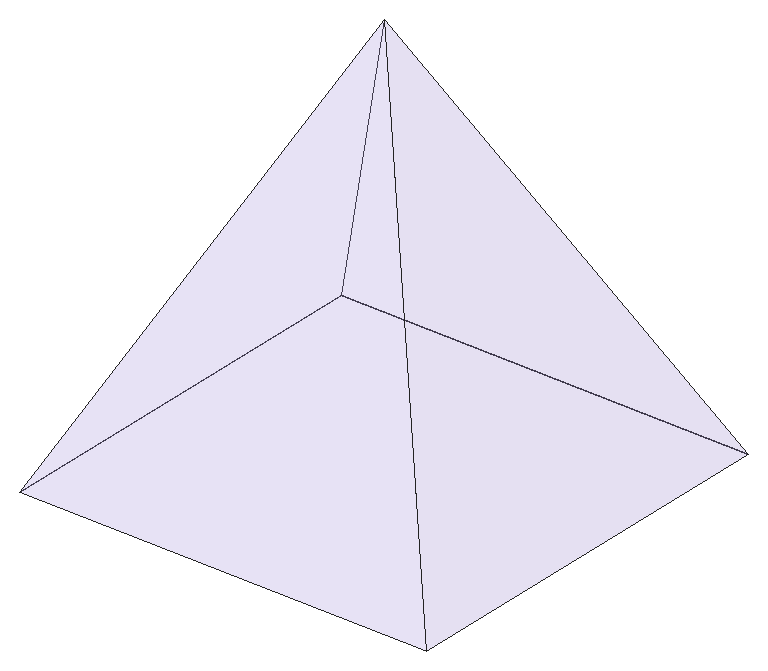
Revit family
Parameters
  Width [instance] = 9000 mm
  Mass Material [instance] = Default Mass
  Height [instance] = 9000 mm
  Depth [instance] = 9000 mm
  Default Elevation = 1200 mm
Reference planes
  plane 1 "Center (Front/Back)": y = 12.955
  plane 2: z = 0
  plane 3 "Center (Left/Right)": x = -30.261
  plane 4: y = 4512.955
  plane 5: x = 4469.739
  plane 6: x = -4530.261
  plane 7: y = -4487.045
  plane 8: z = 9000
Forms (mm)
  Extrusion 1, solid, material "Default Mass"
    sketch origin (0, 0, 0) x (1, 0, 0) y (0, 1, 0)
      loop
        line (-4530.261, 4512.955) -> (-4530.261, -4487.045) -> (4469.739, -4487.045) -> (4469.739, 4512.955) -> (-4530.261, 4512.955)
    from 0 to 9000
  Extrusion 2, void
    sketch origin (-30.261, 0, 0) x (0, 1, 0) y (0, 0, 1)
      loop
        line (4612.955, 0) -> (4612.955, 9100) -> (-4587.045, 9100) -> (-4587.045, 0) -> (-4437.595, 0) -> (12.955, 9000) -> (4463.504, 0) -> (4612.955, 0)
    from -4500 to 4500
  Extrusion 3, void
    sketch origin (0, 12.955, 0) x (1, 0, 0) y (0, 0, 1)
      loop
        line (-4630.261, 0) -> (-4530.261, 0) -> (-30.261, 9000) -> (4469.739, 0) -> (4569.739, 0) -> (4569.739, 9100) -> (-4630.261, 9100) -> (-4630.261, 0)
    from -4500 to 4500
Cuts and joins
  Extrusion 2, Extrusion 3 cuts Extrusion 1
Dimensions and locks
  equal spacing: plane 6, plane 3 "Center (Left/Right)", plane 5
  "Width": plane 6 to plane 5
  equal spacing: plane 4, plane 1 "Center (Front/Back)", plane 7
  "Depth": plane 4 to plane 7
  locked: Extrusion 2 sketch curve to plane 4 at 100
  locked: Extrusion 2 sketch curve to plane 8 at 100
  locked: plane 7 to Extrusion 2 sketch curve at 100
  locked: plane 5 to Extrusion 3 sketch curve at 100
  locked: Extrusion 3 sketch curve to plane 8 at 100
  locked: plane 6 to Extrusion 3 sketch curve at 100
  "Height": plane 8 to plane 2
  locked: plane 2 to level
  aligned and locked: Extrusion 1 sketch curve to plane 5
  aligned and locked: Extrusion 1 sketch curve to plane 4
  aligned and locked: Extrusion 1 sketch curve to plane 7
  aligned and locked: Extrusion 1 sketch curve to plane 6
  aligned and locked: plane 8 to Extrusion 1
  aligned and locked: cut or joined group of Extrusion 1, Extrusion 2, Extrusion 3 to Extrusion 2 sketch curve
  aligned and locked: Extrusion 2 to plane 6
  aligned and locked: Extrusion 2 to plane 5
  aligned and locked: Extrusion 3 sketch curve to cut or joined group of Extrusion 1, Extrusion 2, Extrusion 3  (x2)
  aligned and locked: cut or joined group of Extrusion 1, Extrusion 2, Extrusion 3 to Extrusion 3 sketch curve  (x2)
  aligned and locked: Extrusion 3 to plane 4
  aligned and locked: Extrusion 3 to plane 7
  aligned and locked: Extrusion 1 to plane 2
  aligned and locked: Extrusion 2 sketch curve to plane 2  (x2)
Automatic sketch dimensions
  Extrusion 3 sketch curve to plane 3 "Center (Left/Right)" = 0 mm
  Extrusion 3 sketch curve to plane 5 = 0 mm
  Extrusion 2 sketch curve to plane 1 "Center (Front/Back)" = 0 mm
  plane 7 to Extrusion 2 sketch curve = 49.451 mm
  Extrusion 2 sketch curve to plane 4 = 49.451 mm
